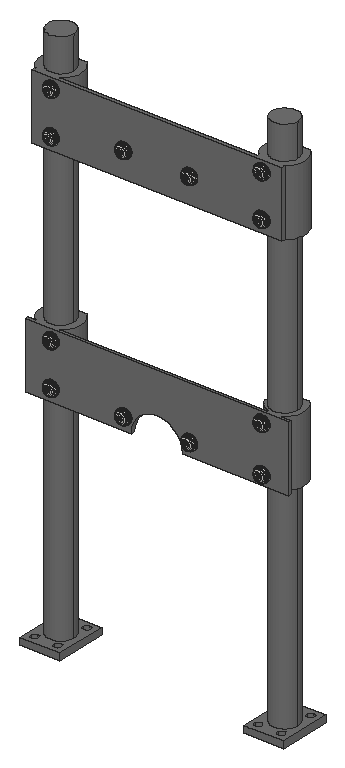
Revit family
Parameters (values of type "0635")
  Width = 17"  # constant formula
  Weight (lb) = 25.5
  Waste Connection = no
  Warranty = "1 year material and workmanship"  # constant formula
  Vent Connection = no
  URL = "http://www.jrsmith.com"
  Technical and Installation = "http://www.jrsmith.com/products/closet/techdata/td_index.htm"
  SmartBIM Object Version = 3  # constant formula
  SmartBIM Object Created By = "Reed Construction Data"  # constant formula
  Product URL = "http://www.jrsmith.com/products/closet/submittal/d0635.pdf"
  OmniClass Title = "Commercial Water Closets, Urinals, and Bidets"  # constant formula
  OmniClass Code = "22-22 42 13"  # constant formula
  Model = "0635"  # constant formula
  Material Finish = Duco Coated
  Material = Stainless Steel Polished Brushed
  Manufacturer = "Jay R. Smith Mfg. Co. "  # constant formula
  Maintenance = ""
  J = 2"
  HW Connection = no
  G = 1"
  F = 5"
  Lower Plate Height = 16 1/2"
  Description = "Urinal Supports for Off-The-Floor Urinals"  # constant formula
  D = 5"
  CW Connection = no
  Back Panel Visibility = no
  Upper Plate Height = 36 1/8"
  Default Elevation = 0"
  Assembly Code = "D2010210"
  95 CSI = ""
  04 CSI = ""
Reference planes (in)
  plane 1: z = 0
  plane 2 "Center (Left/Right)": x = -27.5
  plane 3 "Center (Front/Back)": y = 10.375
  plane 4: x = -19.5
  plane 5: x = -35.5
  plane 6: y = 8.875
  plane 7: y = 11.875
  plane 8: z = 0
  plane 9: z = 41.125
  plane 10: z = 16.5
  plane 11: z = 36.125
  plane 12: y = 9.125
  plane 13: x = -17.5
  plane 14: x = -37.5
  plane 15: y = 8.75
  plane 16: x = -27.5
  plane 17: x = -30
  plane 18: x = -25
  plane 19: x = -25
  plane 20: x = -30
  plane 21: z = 33.625
  plane 22: y = 11.625
  plane 23: z = 39.125
  plane 24: z = 21.5
  plane 25: x = -36
  plane 26: x = -19
Forms (in)
  Extrusion 1, solid, material "Duco Coated" <- "Material Finish"
    sketch origin (0, 0, 0.5) x (1, 0, 0) y (0, 1, 0)
      loop
        circle (-36, 10.375) r 1
      loop
        circle (-19, 10.375) r 1
    from -0.5 to 40.625
  Extrusion 2, solid, material "Duco Coated" <- "Material Finish"
    sketch origin (-0.22187, 9.125, 0) x (1, 0, 0) y (0, 0, 1)
      loop
        line (-37.27813, 16.5) -> (-29.21684, 16.5)
        arc (-29.21684, 16.5) -> (-27.27813, 18.4387) -> (-25.33943, 16.5) r 1.9387
        line (-25.33943, 16.5) -> (-17.27813, 16.5) -> (-17.27813, 21.5) -> (-37.27813, 21.5) -> (-37.27813, 16.5)
    from 0 to 0.25
  Revolve 3, solid, material "Stainless Steel Polished Brushed" <- "Material"
    sketch origin (-35.5, -3.62511, 0.9375) x (0, 1, 0) y (0, 0, 1)
      loop
        line (11.99434, 19.8125) -> (13.125, 19.8125) -> (13.125, 20.0625) -> (12.50011, 20.0625) -> (12.50011, 20.3738)
        arc (12.50011, 20.3738) -> (12.47907, 20.37335) -> (12.45807, 20.37202) r 0.49939
        arc (12.45807, 20.37202) -> (12.441, 20.37028) -> (12.424, 20.36796) r 0.49939
        arc (12.424, 20.36796) -> (12.4006, 20.36376) -> (12.37743, 20.35846) r 0.49938
        arc (12.37743, 20.35846) -> (12.3602, 20.35375) -> (12.34315, 20.34843) r 0.49937
        arc (12.34315, 20.34843) -> (12.32528, 20.34211) -> (12.30766, 20.33512) r 0.49936
        arc (12.30766, 20.33512) -> (12.27347, 20.31924) -> (12.24058, 20.30081) r 0.49932
        arc (12.24058, 20.30081) -> (12.21506, 20.28412) -> (12.19061, 20.26591) r 0.49928
        arc (12.19061, 20.26591) -> (12.16767, 20.24653) -> (12.14593, 20.22581) r 0.49923
        arc (12.14593, 20.22581) -> (12.1115, 20.18705) -> (12.08128, 20.14492) r 0.49914
        arc (12.08128, 20.14492) -> (12.05942, 20.10737) -> (12.04092, 20.06806) r 0.49907
        arc (12.04092, 20.06806) -> (12.0313, 20.0434) -> (12.023, 20.01827) r 0.49907
        arc (12.023, 20.01827) -> (12.01496, 19.98903) -> (12.00871, 19.95936) r 0.49932
        arc (12.00871, 19.95936) -> (12.00233, 19.92042) -> (11.99903, 19.8811) r 0.50033
        arc (11.99903, 19.8811) -> (11.99552, 19.84688) -> (11.99434, 19.8125) r 0.50389
      axis (13.125, 19.8125) -> (11.99434, 19.8125)
    angle from 0 to 360
  Revolve 4, solid, material "Stainless Steel Polished Brushed" <- "Material"
    sketch origin (-35.5, -3.87511, 0) x (0, 1, 0) y (0, 0, 1)
      loop
        arc (12.24434, 17.5) -> (12.24552, 17.46562) -> (12.24903, 17.4314) r 0.50389
        arc (12.24903, 17.4314) -> (12.25233, 17.39208) -> (12.25871, 17.35314) r 0.50033
        arc (12.25871, 17.35314) -> (12.26496, 17.32347) -> (12.273, 17.29423) r 0.49932
        arc (12.273, 17.29423) -> (12.2813, 17.2691) -> (12.29092, 17.24444) r 0.49907
        arc (12.29092, 17.24444) -> (12.30942, 17.20513) -> (12.33128, 17.16758) r 0.49907
        arc (12.33128, 17.16758) -> (12.3615, 17.12545) -> (12.39593, 17.08669) r 0.49914
        arc (12.39593, 17.08669) -> (12.41767, 17.06597) -> (12.44061, 17.04659) r 0.49923
        arc (12.44061, 17.04659) -> (12.46506, 17.02838) -> (12.49058, 17.01169) r 0.49928
        arc (12.49058, 17.01169) -> (12.52347, 16.99326) -> (12.55766, 16.97738) r 0.49932
        arc (12.55766, 16.97738) -> (12.57528, 16.97039) -> (12.59315, 16.96407) r 0.49936
        arc (12.59315, 16.96407) -> (12.6102, 16.95875) -> (12.62743, 16.95404) r 0.49937
        arc (12.62743, 16.95404) -> (12.6506, 16.94874) -> (12.674, 16.94454) r 0.49938
        arc (12.674, 16.94454) -> (12.691, 16.94222) -> (12.70807, 16.94048) r 0.49939
        arc (12.70807, 16.94048) -> (12.72907, 16.93915) -> (12.75011, 16.9387) r 0.49939
        line (12.75011, 16.9387) -> (12.75011, 17.25) -> (13.375, 17.25) -> (13.375, 17.5) -> (12.24434, 17.5)
      axis (13.375, 17.5) -> (12.24434, 17.5)
    angle from 0 to 360
  Revolve 5, solid, material "Stainless Steel Polished Brushed" <- "Material"
    sketch origin (-19.5, -3.87511, 0) x (0, 1, 0) y (0, 0, 1)
      loop
        line (12.24434, 20.75) -> (13.375, 20.75) -> (13.375, 21) -> (12.75011, 21) -> (12.75011, 21.3113)
        arc (12.75011, 21.3113) -> (12.72907, 21.31085) -> (12.70807, 21.30952) r 0.49939
        arc (12.70807, 21.30952) -> (12.691, 21.30778) -> (12.674, 21.30546) r 0.49939
        arc (12.674, 21.30546) -> (12.6506, 21.30126) -> (12.62743, 21.29596) r 0.49938
        arc (12.62743, 21.29596) -> (12.6102, 21.29125) -> (12.59315, 21.28593) r 0.49937
        arc (12.59315, 21.28593) -> (12.57528, 21.27961) -> (12.55766, 21.27262) r 0.49936
        arc (12.55766, 21.27262) -> (12.52347, 21.25674) -> (12.49058, 21.23831) r 0.49932
        arc (12.49058, 21.23831) -> (12.46506, 21.22162) -> (12.44061, 21.20341) r 0.49928
        arc (12.44061, 21.20341) -> (12.41767, 21.18403) -> (12.39593, 21.16331) r 0.49923
        arc (12.39593, 21.16331) -> (12.3615, 21.12455) -> (12.33128, 21.08242) r 0.49914
        arc (12.33128, 21.08242) -> (12.30942, 21.04487) -> (12.29092, 21.00556) r 0.49907
        arc (12.29092, 21.00556) -> (12.2813, 20.9809) -> (12.273, 20.95577) r 0.49907
        arc (12.273, 20.95577) -> (12.26496, 20.92653) -> (12.25871, 20.89686) r 0.49932
        arc (12.25871, 20.89686) -> (12.25233, 20.85792) -> (12.24903, 20.8186) r 0.50033
        arc (12.24903, 20.8186) -> (12.24552, 20.78438) -> (12.24434, 20.75) r 0.50389
      axis (13.375, 20.75) -> (12.24434, 20.75)
    angle from 0 to 360
  Revolve 6, solid, material "Stainless Steel Polished Brushed" <- "Material"
    sketch origin (-19.5, -3.87511, 0) x (0, 1, 0) y (0, 0, 1)
      loop
        arc (12.24434, 17.25) -> (12.24552, 17.21562) -> (12.24903, 17.1814) r 0.50389
        arc (12.24903, 17.1814) -> (12.25233, 17.14208) -> (12.25871, 17.10314) r 0.50033
        arc (12.25871, 17.10314) -> (12.26496, 17.07347) -> (12.273, 17.04423) r 0.49932
        arc (12.273, 17.04423) -> (12.2813, 17.0191) -> (12.29092, 16.99444) r 0.49907
        arc (12.29092, 16.99444) -> (12.30942, 16.95513) -> (12.33128, 16.91758) r 0.49907
        arc (12.33128, 16.91758) -> (12.3615, 16.87545) -> (12.39593, 16.83669) r 0.49914
        arc (12.39593, 16.83669) -> (12.41767, 16.81597) -> (12.44061, 16.79659) r 0.49923
        arc (12.44061, 16.79659) -> (12.46506, 16.77838) -> (12.49058, 16.76169) r 0.49928
        arc (12.49058, 16.76169) -> (12.52347, 16.74326) -> (12.55766, 16.72738) r 0.49932
        arc (12.55766, 16.72738) -> (12.57528, 16.72039) -> (12.59315, 16.71407) r 0.49936
        arc (12.59315, 16.71407) -> (12.6102, 16.70875) -> (12.62743, 16.70404) r 0.49937
        arc (12.62743, 16.70404) -> (12.6506, 16.69874) -> (12.674, 16.69454) r 0.49938
        arc (12.674, 16.69454) -> (12.691, 16.69222) -> (12.70807, 16.69048) r 0.49939
        arc (12.70807, 16.69048) -> (12.72907, 16.68915) -> (12.75011, 16.6887) r 0.49939
        line (12.75011, 16.6887) -> (12.75011, 17) -> (13.375, 17) -> (13.375, 17.25) -> (12.24434, 17.25)
      axis (13.375, 17.25) -> (12.24434, 17.25)
    angle from 0 to 360
  Revolve 7, solid, material "Stainless Steel Polished Brushed" <- "Material"
    sketch origin (-30, -179.62511, 75.40244) x (0, 0, 1) y (0, -1, 0)
      loop
        arc (-57.90244, -187.99434) -> (-57.93682, -187.99552) -> (-57.97104, -187.99903) r 0.50389
        arc (-57.97104, -187.99903) -> (-58.01036, -188.00233) -> (-58.0493, -188.00871) r 0.50033
        arc (-58.0493, -188.00871) -> (-58.07897, -188.01496) -> (-58.10821, -188.023) r 0.49932
        arc (-58.10821, -188.023) -> (-58.13334, -188.0313) -> (-58.158, -188.04092) r 0.49907
        arc (-58.158, -188.04092) -> (-58.19731, -188.05942) -> (-58.23486, -188.08128) r 0.49907
        arc (-58.23486, -188.08128) -> (-58.27699, -188.1115) -> (-58.31575, -188.14593) r 0.49914
        arc (-58.31575, -188.14593) -> (-58.33647, -188.16767) -> (-58.35584, -188.19061) r 0.49923
        arc (-58.35584, -188.19061) -> (-58.37406, -188.21506) -> (-58.39075, -188.24058) r 0.49928
        arc (-58.39075, -188.24058) -> (-58.40917, -188.27347) -> (-58.42506, -188.30766) r 0.49932
        arc (-58.42506, -188.30766) -> (-58.43205, -188.32528) -> (-58.43837, -188.34315) r 0.49936
        arc (-58.43837, -188.34315) -> (-58.44369, -188.3602) -> (-58.4484, -188.37743) r 0.49937
        arc (-58.4484, -188.37743) -> (-58.4537, -188.4006) -> (-58.45789, -188.424) r 0.49938
        arc (-58.45789, -188.424) -> (-58.46022, -188.441) -> (-58.46196, -188.45807) r 0.49939
        arc (-58.46196, -188.45807) -> (-58.46329, -188.47907) -> (-58.46374, -188.50011) r 0.49939
        line (-58.46374, -188.50011) -> (-58.15244, -188.50011) -> (-58.15244, -188.75011) -> (-57.90244, -188.75011) -> (-57.90244, -187.99434)
      axis (-57.90244, -188.75011) -> (-57.90244, -187.99434)
    angle from 0 to 360
  Revolve 8, solid, material "Stainless Steel Polished Brushed" <- "Material"
    sketch origin (-25, -179.62511, 75.40244) x (0, 0, 1) y (0, -1, 0)
      loop
        arc (-57.90244, -187.99434) -> (-57.93682, -187.99552) -> (-57.97104, -187.99903) r 0.50389
        arc (-57.97104, -187.99903) -> (-58.01036, -188.00233) -> (-58.0493, -188.00871) r 0.50033
        arc (-58.0493, -188.00871) -> (-58.07897, -188.01496) -> (-58.10821, -188.023) r 0.49932
        arc (-58.10821, -188.023) -> (-58.13334, -188.0313) -> (-58.158, -188.04092) r 0.49907
        arc (-58.158, -188.04092) -> (-58.19731, -188.05942) -> (-58.23486, -188.08128) r 0.49907
        arc (-58.23486, -188.08128) -> (-58.27699, -188.1115) -> (-58.31575, -188.14593) r 0.49914
        arc (-58.31575, -188.14593) -> (-58.33647, -188.16767) -> (-58.35584, -188.19061) r 0.49923
        arc (-58.35584, -188.19061) -> (-58.37406, -188.21506) -> (-58.39075, -188.24058) r 0.49928
        arc (-58.39075, -188.24058) -> (-58.40917, -188.27347) -> (-58.42506, -188.30766) r 0.49932
        arc (-58.42506, -188.30766) -> (-58.43205, -188.32528) -> (-58.43837, -188.34315) r 0.49936
        arc (-58.43837, -188.34315) -> (-58.44369, -188.3602) -> (-58.4484, -188.37743) r 0.49937
        arc (-58.4484, -188.37743) -> (-58.4537, -188.4006) -> (-58.45789, -188.424) r 0.49938
        arc (-58.45789, -188.424) -> (-58.46022, -188.441) -> (-58.46196, -188.45807) r 0.49939
        arc (-58.46196, -188.45807) -> (-58.46329, -188.47907) -> (-58.46374, -188.50011) r 0.49939
        line (-58.46374, -188.50011) -> (-58.15244, -188.50011) -> (-58.15244, -188.75011) -> (-57.90244, -188.75011) -> (-57.90244, -187.99434)
      axis (-57.90244, -188.75011) -> (-57.90244, -187.99434)
    angle from 0 to 360
  Extrusion 9, solid, material "Duco Coated" <- "Material Finish"
    sketch origin (-0.22187, 9.125, 17.125) x (1, 0, 0) y (0, 0, 1)
      loop
        line (-36.77813, 16.5) -> (-17.77813, 16.5) -> (-17.77813, 21.5) -> (-36.77813, 21.5) -> (-36.77813, 16.5)
    from 0 to 0.25
  Revolve 10, solid, material "Stainless Steel Polished Brushed" <- "Material"
    sketch origin (-35.5, -4, 18.0625) x (0, 1, 0) y (0, 0, 1)
      loop
        line (12.36934, 19.8125) -> (13.375, 19.8125) -> (13.375, 20.0625) -> (12.87511, 20.0625) -> (12.87511, 20.3738)
        arc (12.87511, 20.3738) -> (12.85407, 20.37335) -> (12.83307, 20.37202) r 0.49939
        arc (12.83307, 20.37202) -> (12.816, 20.37028) -> (12.799, 20.36796) r 0.49939
        arc (12.799, 20.36796) -> (12.7756, 20.36376) -> (12.75243, 20.35846) r 0.49938
        arc (12.75243, 20.35846) -> (12.7352, 20.35375) -> (12.71815, 20.34843) r 0.49937
        arc (12.71815, 20.34843) -> (12.70028, 20.34211) -> (12.68266, 20.33512) r 0.49936
        arc (12.68266, 20.33512) -> (12.64847, 20.31924) -> (12.61558, 20.30081) r 0.49932
        arc (12.61558, 20.30081) -> (12.59006, 20.28412) -> (12.56561, 20.26591) r 0.49928
        arc (12.56561, 20.26591) -> (12.54267, 20.24653) -> (12.52093, 20.22581) r 0.49923
        arc (12.52093, 20.22581) -> (12.4865, 20.18705) -> (12.45628, 20.14492) r 0.49914
        arc (12.45628, 20.14492) -> (12.43442, 20.10737) -> (12.41592, 20.06806) r 0.49907
        arc (12.41592, 20.06806) -> (12.4063, 20.0434) -> (12.398, 20.01827) r 0.49907
        arc (12.398, 20.01827) -> (12.38996, 19.98903) -> (12.38371, 19.95936) r 0.49932
        arc (12.38371, 19.95936) -> (12.37733, 19.92042) -> (12.37403, 19.8811) r 0.50033
        arc (12.37403, 19.8811) -> (12.37052, 19.84688) -> (12.36934, 19.8125) r 0.50389
      axis (13.375, 19.8125) -> (12.36934, 19.8125)
    angle from 0 to 360
  Revolve 11, solid, material "Stainless Steel Polished Brushed" <- "Material"
    sketch origin (-35.5, -4, 17.125) x (0, 1, 0) y (0, 0, 1)
      loop
        arc (12.36934, 17.5) -> (12.37052, 17.46562) -> (12.37403, 17.4314) r 0.50389
        arc (12.37403, 17.4314) -> (12.37733, 17.39208) -> (12.38371, 17.35314) r 0.50033
        arc (12.38371, 17.35314) -> (12.38996, 17.32347) -> (12.398, 17.29423) r 0.49932
        arc (12.398, 17.29423) -> (12.4063, 17.2691) -> (12.41592, 17.24444) r 0.49907
        arc (12.41592, 17.24444) -> (12.43442, 17.20513) -> (12.45628, 17.16758) r 0.49907
        arc (12.45628, 17.16758) -> (12.4865, 17.12545) -> (12.52093, 17.08669) r 0.49914
        arc (12.52093, 17.08669) -> (12.54267, 17.06597) -> (12.56561, 17.04659) r 0.49923
        arc (12.56561, 17.04659) -> (12.59006, 17.02838) -> (12.61558, 17.01169) r 0.49928
        arc (12.61558, 17.01169) -> (12.64847, 16.99326) -> (12.68266, 16.97738) r 0.49932
        arc (12.68266, 16.97738) -> (12.70028, 16.97039) -> (12.71815, 16.96407) r 0.49936
        arc (12.71815, 16.96407) -> (12.7352, 16.95875) -> (12.75243, 16.95404) r 0.49937
        arc (12.75243, 16.95404) -> (12.7756, 16.94874) -> (12.799, 16.94454) r 0.49938
        arc (12.799, 16.94454) -> (12.816, 16.94222) -> (12.83307, 16.94048) r 0.49939
        arc (12.83307, 16.94048) -> (12.85407, 16.93915) -> (12.87511, 16.9387) r 0.49939
        line (12.87511, 16.9387) -> (12.87511, 17.25) -> (13.375, 17.25) -> (13.375, 17.5) -> (12.36934, 17.5)
      axis (13.375, 17.5) -> (12.36934, 17.5)
    angle from 0 to 360
  Revolve 12, solid, material "Stainless Steel Polished Brushed" <- "Material"
    sketch origin (-19.5, -4, 17.0625) x (0, 1, 0) y (0, 0, 1)
      loop
        line (12.36934, 20.81029) -> (13.375, 20.81029) -> (13.375, 21.06029) -> (12.87511, 21.06029) -> (12.87511, 21.37159)
        arc (12.87511, 21.37159) -> (12.85407, 21.37115) -> (12.83307, 21.36982) r 0.49939
        arc (12.83307, 21.36982) -> (12.816, 21.36808) -> (12.799, 21.36575) r 0.49939
        arc (12.799, 21.36575) -> (12.7756, 21.36156) -> (12.75243, 21.35626) r 0.49938
        arc (12.75243, 21.35626) -> (12.7352, 21.35155) -> (12.71815, 21.34623) r 0.49937
        arc (12.71815, 21.34623) -> (12.70028, 21.33991) -> (12.68266, 21.33292) r 0.49936
        arc (12.68266, 21.33292) -> (12.64847, 21.31703) -> (12.61558, 21.29861) r 0.49932
        arc (12.61558, 21.29861) -> (12.59006, 21.28192) -> (12.56561, 21.2637) r 0.49928
        arc (12.56561, 21.2637) -> (12.54267, 21.24432) -> (12.52093, 21.2236) r 0.49923
        arc (12.52093, 21.2236) -> (12.4865, 21.18484) -> (12.45628, 21.14272) r 0.49914
        arc (12.45628, 21.14272) -> (12.43442, 21.10517) -> (12.41592, 21.06586) r 0.49907
        arc (12.41592, 21.06586) -> (12.4063, 21.0412) -> (12.398, 21.01606) r 0.49907
        arc (12.398, 21.01606) -> (12.38996, 20.98682) -> (12.38371, 20.95715) r 0.49932
        arc (12.38371, 20.95715) -> (12.37733, 20.91822) -> (12.37403, 20.8789) r 0.50033
        arc (12.37403, 20.8789) -> (12.37052, 20.84468) -> (12.36934, 20.81029) r 0.50389
      axis (13.375, 20.81029) -> (12.36934, 20.81029)
    angle from 0 to 360
  Revolve 13, solid, material "Stainless Steel Polished Brushed" <- "Material"
    sketch origin (-19.5, -4, 17.375) x (0, 1, 0) y (0, 0, 1)
      loop
        arc (12.36934, 17.25) -> (12.37052, 17.21562) -> (12.37403, 17.1814) r 0.50389
        arc (12.37403, 17.1814) -> (12.37733, 17.14208) -> (12.38371, 17.10314) r 0.50033
        arc (12.38371, 17.10314) -> (12.38996, 17.07347) -> (12.398, 17.04423) r 0.49932
        arc (12.398, 17.04423) -> (12.4063, 17.0191) -> (12.41592, 16.99444) r 0.49907
        arc (12.41592, 16.99444) -> (12.43442, 16.95513) -> (12.45628, 16.91758) r 0.49907
        arc (12.45628, 16.91758) -> (12.4865, 16.87545) -> (12.52093, 16.83669) r 0.49914
        arc (12.52093, 16.83669) -> (12.54267, 16.81597) -> (12.56561, 16.79659) r 0.49923
        arc (12.56561, 16.79659) -> (12.59006, 16.77838) -> (12.61558, 16.76169) r 0.49928
        arc (12.61558, 16.76169) -> (12.64847, 16.74326) -> (12.68266, 16.72738) r 0.49932
        arc (12.68266, 16.72738) -> (12.70028, 16.72039) -> (12.71815, 16.71407) r 0.49936
        arc (12.71815, 16.71407) -> (12.7352, 16.70875) -> (12.75243, 16.70404) r 0.49937
        arc (12.75243, 16.70404) -> (12.7756, 16.69874) -> (12.799, 16.69454) r 0.49938
        arc (12.799, 16.69454) -> (12.816, 16.69222) -> (12.83307, 16.69048) r 0.49939
        arc (12.83307, 16.69048) -> (12.85407, 16.68915) -> (12.87511, 16.6887) r 0.49939
        line (12.87511, 16.6887) -> (12.87511, 17) -> (13.375, 17) -> (13.375, 17.25) -> (12.36934, 17.25)
      axis (13.375, 17.25) -> (12.36934, 17.25)
    angle from 0 to 360
  Revolve 14, solid, material "Stainless Steel Polished Brushed" <- "Material"
    sketch origin (-30, -180, 75.40244) x (0, 0, 1) y (0, -1, 0)
      loop
        arc (-39.77744, -188.36934) -> (-39.81182, -188.37052) -> (-39.84604, -188.37403) r 0.50389
        arc (-39.84604, -188.37403) -> (-39.88536, -188.37733) -> (-39.9243, -188.38371) r 0.50033
        arc (-39.9243, -188.38371) -> (-39.95397, -188.38996) -> (-39.98321, -188.398) r 0.49932
        arc (-39.98321, -188.398) -> (-40.00834, -188.4063) -> (-40.033, -188.41592) r 0.49907
        arc (-40.033, -188.41592) -> (-40.07231, -188.43442) -> (-40.10986, -188.45628) r 0.49907
        arc (-40.10986, -188.45628) -> (-40.15199, -188.4865) -> (-40.19075, -188.52093) r 0.49914
        arc (-40.19075, -188.52093) -> (-40.21147, -188.54267) -> (-40.23084, -188.56561) r 0.49923
        arc (-40.23084, -188.56561) -> (-40.24906, -188.59006) -> (-40.26575, -188.61558) r 0.49928
        arc (-40.26575, -188.61558) -> (-40.28417, -188.64847) -> (-40.30006, -188.68266) r 0.49932
        arc (-40.30006, -188.68266) -> (-40.30705, -188.70028) -> (-40.31337, -188.71815) r 0.49936
        arc (-40.31337, -188.71815) -> (-40.31869, -188.7352) -> (-40.3234, -188.75243) r 0.49937
        arc (-40.3234, -188.75243) -> (-40.3287, -188.7756) -> (-40.33289, -188.799) r 0.49938
        arc (-40.33289, -188.799) -> (-40.33522, -188.816) -> (-40.33696, -188.83307) r 0.49939
        arc (-40.33696, -188.83307) -> (-40.33829, -188.85407) -> (-40.33874, -188.87511) r 0.49939
        line (-40.33874, -188.87511) -> (-40.02744, -188.87511) -> (-40.02744, -189.125) -> (-39.77744, -189.125) -> (-39.77744, -188.36934)
      axis (-39.77744, -189.125) -> (-39.77744, -188.36934)
    angle from 0 to 360
  Revolve 15, solid, material "Stainless Steel Polished Brushed" <- "Material"
    sketch origin (-25, -180, 75.40244) x (0, 0, 1) y (0, -1, 0)
      loop
        arc (-39.77744, -188.36934) -> (-39.81182, -188.37052) -> (-39.84604, -188.37403) r 0.50389
        arc (-39.84604, -188.37403) -> (-39.88536, -188.37733) -> (-39.9243, -188.38371) r 0.50033
        arc (-39.9243, -188.38371) -> (-39.95397, -188.38996) -> (-39.98321, -188.398) r 0.49932
        arc (-39.98321, -188.398) -> (-40.00834, -188.4063) -> (-40.033, -188.41592) r 0.49907
        arc (-40.033, -188.41592) -> (-40.07231, -188.43442) -> (-40.10986, -188.45628) r 0.49907
        arc (-40.10986, -188.45628) -> (-40.15199, -188.4865) -> (-40.19075, -188.52093) r 0.49914
        arc (-40.19075, -188.52093) -> (-40.21147, -188.54267) -> (-40.23084, -188.56561) r 0.49923
        arc (-40.23084, -188.56561) -> (-40.24906, -188.59006) -> (-40.26575, -188.61558) r 0.49928
        arc (-40.26575, -188.61558) -> (-40.28417, -188.64847) -> (-40.30006, -188.68266) r 0.49932
        arc (-40.30006, -188.68266) -> (-40.30705, -188.70028) -> (-40.31337, -188.71815) r 0.49936
        arc (-40.31337, -188.71815) -> (-40.31869, -188.7352) -> (-40.3234, -188.75243) r 0.49937
        arc (-40.3234, -188.75243) -> (-40.3287, -188.7756) -> (-40.33289, -188.799) r 0.49938
        arc (-40.33289, -188.799) -> (-40.33522, -188.816) -> (-40.33696, -188.83307) r 0.49939
        arc (-40.33696, -188.83307) -> (-40.33829, -188.85407) -> (-40.33874, -188.87511) r 0.49939
        line (-40.33874, -188.87511) -> (-40.02744, -188.87511) -> (-40.02744, -189.125) -> (-39.77744, -189.125) -> (-39.77744, -188.36934)
      axis (-39.77744, -189.125) -> (-39.77744, -188.36934)
    angle from 0 to 360
  Extrusion 16, solid, material "Duco Coated" <- "Material Finish"
    sketch origin (0, 0, 0.5) x (1, 0, 0) y (0, 1, 0)
      loop
        line (-36.9375, 9.125) -> (-35.0625, 9.125)
        arc (-35.0625, 9.125) -> (-34.4375, 10.375) -> (-35.0625, 11.625) r 1.5625
        line (-35.0625, 11.625) -> (-36.9375, 11.625)
        arc (-36.9375, 11.625) -> (-37.5625, 10.375) -> (-36.9375, 9.125) r 1.5625
      loop
        circle (-36, 10.375) r 1
    from 16 to 21
  Extrusion 17, solid, material "Duco Coated" <- "Material Finish"
    sketch origin (0, 0, 67.75) x (0, -1, 0) y (-1, 0, 0)
      loop
        line (-9.125, 35.0625) -> (-9.125, 36.9375)
        arc (-9.125, 36.9375) -> (-10.375, 37.5625) -> (-11.625, 36.9375) r 1.5625
        line (-11.625, 36.9375) -> (-11.625, 35.0625)
        arc (-11.625, 35.0625) -> (-10.375, 34.4375) -> (-9.125, 35.0625) r 1.5625
      loop
        circle (-10.375, 36) r 1
      loop
        arc (-9.125, 19.9375) -> (-10.375, 20.5625) -> (-11.625, 19.9375) r 1.5625
        line (-11.625, 19.9375) -> (-11.625, 18.0625)
        arc (-11.625, 18.0625) -> (-10.375, 17.4375) -> (-9.125, 18.0625) r 1.5625
        line (-9.125, 18.0625) -> (-9.125, 19.9375)
      loop
        circle (-10.375, 19) r 1
    from 29.125 to 34.125
  Extrusion 18, solid, material "Duco Coated" <- "Material Finish"
    sketch origin (-55, 0, 72.5) x (0, 1, 0) y (1, 0, 0)
      loop
        arc (9.125, 36.1875) -> (10.375, 34.73602) -> (11.625, 36.1875) r 1.26398
        line (11.625, 36.1875) -> (11.625, 36.8125)
        arc (11.625, 36.8125) -> (10.375, 37.49086) -> (9.125, 36.8125) r 1.49086
        line (9.125, 36.8125) -> (9.125, 36.1875)
      loop
        circle (10.375, 36) r 1
    from 51 to 56
  Extrusion 19, solid, material "Duco Coated" <- "Material Finish", visible <- "Back Panel Visibility"
    sketch origin (-0.22187, 11.375, 17.125) x (1, 0, 0) y (0, 0, -1)
      loop
        line (-37.27813, -16.5) -> (-37.27813, -21.5) -> (-17.27813, -21.5) -> (-17.27813, -16.5) -> (-37.27813, -16.5)
    from 0.25 to 0.5
  Extrusion 20, solid, material "Duco Coated" <- "Material Finish", visible <- "Back Panel Visibility"
    sketch origin (-0.22187, 11.375, 1.375) x (1, 0, 0) y (0, 0, -1)
      loop
        line (-37.27813, -15.125) -> (-37.27813, -20.125) -> (-17.27813, -20.125) -> (-17.27813, -15.125) -> (-25.33943, -15.125)
        arc (-25.33943, -15.125) -> (-27.27813, -17.0637) -> (-29.21684, -15.125) r 1.9387
        line (-29.21684, -15.125) -> (-37.27813, -15.125)
    from 0.25 to 0.5
  Revolve 21, solid, material "Stainless Steel Polished Brushed" <- "Material", visible <- "Back Panel Visibility"
    sketch origin (-19.5, 24.625, 0) x (0, -1, 0) y (0, 0, -1)
      loop
        arc (12.24434, -20.75) -> (12.24552, -20.78438) -> (12.24903, -20.8186) r 0.50389
        arc (12.24903, -20.8186) -> (12.25233, -20.85792) -> (12.25871, -20.89686) r 0.50033
        arc (12.25871, -20.89686) -> (12.26496, -20.92653) -> (12.273, -20.95577) r 0.49932
        arc (12.273, -20.95577) -> (12.2813, -20.9809) -> (12.29092, -21.00556) r 0.49907
        arc (12.29092, -21.00556) -> (12.30942, -21.04487) -> (12.33128, -21.08242) r 0.49907
        arc (12.33128, -21.08242) -> (12.3615, -21.12455) -> (12.39593, -21.16331) r 0.49914
        arc (12.39593, -21.16331) -> (12.41767, -21.18403) -> (12.44061, -21.20341) r 0.49923
        arc (12.44061, -21.20341) -> (12.46506, -21.22162) -> (12.49058, -21.23831) r 0.49928
        arc (12.49058, -21.23831) -> (12.52347, -21.25674) -> (12.55766, -21.27262) r 0.49932
        arc (12.55766, -21.27262) -> (12.57528, -21.27961) -> (12.59315, -21.28593) r 0.49936
        arc (12.59315, -21.28593) -> (12.6102, -21.29125) -> (12.62743, -21.29596) r 0.49937
        arc (12.62743, -21.29596) -> (12.6506, -21.30126) -> (12.674, -21.30546) r 0.49938
        arc (12.674, -21.30546) -> (12.691, -21.30778) -> (12.70807, -21.30952) r 0.49939
        arc (12.70807, -21.30952) -> (12.72907, -21.31085) -> (12.75011, -21.3113) r 0.49939
        line (12.75011, -21.3113) -> (12.75011, -21) -> (13, -21) -> (13, -20.75) -> (12.24434, -20.75)
      axis (13, -20.75) -> (12.24434, -20.75)
    angle from 0 to 360
  Revolve 22, solid, material "Stainless Steel Polished Brushed" <- "Material", visible <- "Back Panel Visibility"
    sketch origin (-19.5, 24.625, 0) x (0, -1, 0) y (0, 0, -1)
      loop
        line (12.24434, -17.25) -> (13, -17.25) -> (13, -17) -> (12.75011, -17) -> (12.75011, -16.6887)
        arc (12.75011, -16.6887) -> (12.72907, -16.68915) -> (12.70807, -16.69048) r 0.49939
        arc (12.70807, -16.69048) -> (12.691, -16.69222) -> (12.674, -16.69454) r 0.49939
        arc (12.674, -16.69454) -> (12.6506, -16.69874) -> (12.62743, -16.70404) r 0.49938
        arc (12.62743, -16.70404) -> (12.6102, -16.70875) -> (12.59315, -16.71407) r 0.49937
        arc (12.59315, -16.71407) -> (12.57528, -16.72039) -> (12.55766, -16.72738) r 0.49936
        arc (12.55766, -16.72738) -> (12.52347, -16.74326) -> (12.49058, -16.76169) r 0.49932
        arc (12.49058, -16.76169) -> (12.46506, -16.77838) -> (12.44061, -16.79659) r 0.49928
        arc (12.44061, -16.79659) -> (12.41767, -16.81597) -> (12.39593, -16.83669) r 0.49923
        arc (12.39593, -16.83669) -> (12.3615, -16.87545) -> (12.33128, -16.91758) r 0.49914
        arc (12.33128, -16.91758) -> (12.30942, -16.95513) -> (12.29092, -16.99444) r 0.49907
        arc (12.29092, -16.99444) -> (12.2813, -17.0191) -> (12.273, -17.04423) r 0.49907
        arc (12.273, -17.04423) -> (12.26496, -17.07347) -> (12.25871, -17.10314) r 0.49932
        arc (12.25871, -17.10314) -> (12.25233, -17.14208) -> (12.24903, -17.1814) r 0.50033
        arc (12.24903, -17.1814) -> (12.24552, -17.21562) -> (12.24434, -17.25) r 0.50389
      axis (13, -17.25) -> (12.24434, -17.25)
    angle from 0 to 360
  Revolve 23, solid, material "Stainless Steel Polished Brushed" <- "Material", visible <- "Back Panel Visibility"
    sketch origin (-19.5, 24.62511, -1.62721) x (0, -1, 0) y (0, 0, -1)
      loop
        arc (12.24434, -39.5) -> (12.24552, -39.53438) -> (12.24903, -39.5686) r 0.50389
        arc (12.24903, -39.5686) -> (12.25233, -39.60792) -> (12.25871, -39.64686) r 0.50033
        arc (12.25871, -39.64686) -> (12.26496, -39.67653) -> (12.273, -39.70577) r 0.49932
        arc (12.273, -39.70577) -> (12.2813, -39.7309) -> (12.29092, -39.75556) r 0.49907
        arc (12.29092, -39.75556) -> (12.30942, -39.79487) -> (12.33128, -39.83242) r 0.49907
        arc (12.33128, -39.83242) -> (12.3615, -39.87455) -> (12.39593, -39.91331) r 0.49914
        arc (12.39593, -39.91331) -> (12.41767, -39.93403) -> (12.44061, -39.95341) r 0.49923
        arc (12.44061, -39.95341) -> (12.46506, -39.97162) -> (12.49058, -39.98831) r 0.49928
        arc (12.49058, -39.98831) -> (12.52347, -40.00674) -> (12.55766, -40.02262) r 0.49932
        arc (12.55766, -40.02262) -> (12.57528, -40.02961) -> (12.59315, -40.03593) r 0.49936
        arc (12.59315, -40.03593) -> (12.6102, -40.04125) -> (12.62743, -40.04596) r 0.49937
        arc (12.62743, -40.04596) -> (12.6506, -40.05126) -> (12.674, -40.05546) r 0.49938
        arc (12.674, -40.05546) -> (12.691, -40.05778) -> (12.70807, -40.05952) r 0.49939
        arc (12.70807, -40.05952) -> (12.72907, -40.06085) -> (12.75011, -40.0613) r 0.49939
        line (12.75011, -40.0613) -> (12.75011, -39.75) -> (13.00011, -39.75) -> (13.00011, -39.5) -> (12.24434, -39.5)
      axis (13.00011, -39.5) -> (12.24434, -39.5)
    angle from 0 to 360
  Revolve 24, solid, material "Stainless Steel Polished Brushed" <- "Material", visible <- "Back Panel Visibility"
    sketch origin (-19.5, 24.625, 0) x (0, -1, 0) y (0, 0, -1)
      loop
        line (12.24434, -34.625) -> (13, -34.625) -> (13, -34.375) -> (12.75011, -34.375) -> (12.75011, -34.0637)
        arc (12.75011, -34.0637) -> (12.72907, -34.06415) -> (12.70807, -34.06548) r 0.49939
        arc (12.70807, -34.06548) -> (12.691, -34.06722) -> (12.674, -34.06954) r 0.49939
        arc (12.674, -34.06954) -> (12.6506, -34.07374) -> (12.62743, -34.07904) r 0.49938
        arc (12.62743, -34.07904) -> (12.6102, -34.08375) -> (12.59315, -34.08907) r 0.49937
        arc (12.59315, -34.08907) -> (12.57528, -34.09539) -> (12.55766, -34.10238) r 0.49936
        arc (12.55766, -34.10238) -> (12.52347, -34.11826) -> (12.49058, -34.13669) r 0.49932
        arc (12.49058, -34.13669) -> (12.46506, -34.15338) -> (12.44061, -34.17159) r 0.49928
        arc (12.44061, -34.17159) -> (12.41767, -34.19097) -> (12.39593, -34.21169) r 0.49923
        arc (12.39593, -34.21169) -> (12.3615, -34.25045) -> (12.33128, -34.29258) r 0.49914
        arc (12.33128, -34.29258) -> (12.30942, -34.33013) -> (12.29092, -34.36944) r 0.49907
        arc (12.29092, -34.36944) -> (12.2813, -34.3941) -> (12.273, -34.41923) r 0.49907
        arc (12.273, -34.41923) -> (12.26496, -34.44847) -> (12.25871, -34.47814) r 0.49932
        arc (12.25871, -34.47814) -> (12.25233, -34.51708) -> (12.24903, -34.5564) r 0.50033
        arc (12.24903, -34.5564) -> (12.24552, -34.59062) -> (12.24434, -34.625) r 0.50389
      axis (13, -34.625) -> (12.24434, -34.625)
    angle from 0 to 360
  Revolve 25, solid, material "Stainless Steel Polished Brushed" <- "Material", visible <- "Back Panel Visibility"
    sketch origin (-25, 200.625, 75.40244) x (0, 0, 1) y (0, -1, 0)
      loop
        line (-57.90244, 188.24434) -> (-57.90244, 189) -> (-58.15244, 189) -> (-58.15244, 188.75011) -> (-58.46374, 188.75011)
        arc (-58.46374, 188.75011) -> (-58.46329, 188.72907) -> (-58.46196, 188.70807) r 0.49939
        arc (-58.46196, 188.70807) -> (-58.46022, 188.691) -> (-58.45789, 188.674) r 0.49939
        arc (-58.45789, 188.674) -> (-58.4537, 188.6506) -> (-58.4484, 188.62743) r 0.49938
        arc (-58.4484, 188.62743) -> (-58.44369, 188.6102) -> (-58.43837, 188.59315) r 0.49937
        arc (-58.43837, 188.59315) -> (-58.43205, 188.57528) -> (-58.42506, 188.55766) r 0.49936
        arc (-58.42506, 188.55766) -> (-58.40917, 188.52347) -> (-58.39075, 188.49058) r 0.49932
        arc (-58.39075, 188.49058) -> (-58.37406, 188.46506) -> (-58.35584, 188.44061) r 0.49928
        arc (-58.35584, 188.44061) -> (-58.33647, 188.41767) -> (-58.31575, 188.39593) r 0.49923
        arc (-58.31575, 188.39593) -> (-58.27699, 188.3615) -> (-58.23486, 188.33128) r 0.49914
        arc (-58.23486, 188.33128) -> (-58.19731, 188.30942) -> (-58.158, 188.29092) r 0.49907
        arc (-58.158, 188.29092) -> (-58.13334, 188.2813) -> (-58.10821, 188.273) r 0.49907
        arc (-58.10821, 188.273) -> (-58.07897, 188.26496) -> (-58.0493, 188.25871) r 0.49932
        arc (-58.0493, 188.25871) -> (-58.01036, 188.25233) -> (-57.97104, 188.24903) r 0.50033
        arc (-57.97104, 188.24903) -> (-57.93682, 188.24552) -> (-57.90244, 188.24434) r 0.50389
      axis (-57.90244, 189) -> (-57.90244, 188.24434)
    angle from 0 to 360
  Revolve 26, solid, material "Stainless Steel Polished Brushed" <- "Material", visible <- "Back Panel Visibility"
    sketch origin (-25, 200.625, 75.40244) x (0, 0, 1) y (0, -1, 0)
      loop
        line (-39.77744, 188.24434) -> (-39.77744, 189) -> (-40.02744, 189) -> (-40.02744, 188.75011) -> (-40.33874, 188.75011)
        arc (-40.33874, 188.75011) -> (-40.33829, 188.72907) -> (-40.33696, 188.70807) r 0.49939
        arc (-40.33696, 188.70807) -> (-40.33522, 188.691) -> (-40.33289, 188.674) r 0.49939
        arc (-40.33289, 188.674) -> (-40.3287, 188.6506) -> (-40.3234, 188.62743) r 0.49938
        arc (-40.3234, 188.62743) -> (-40.31869, 188.6102) -> (-40.31337, 188.59315) r 0.49937
        arc (-40.31337, 188.59315) -> (-40.30705, 188.57528) -> (-40.30006, 188.55766) r 0.49936
        arc (-40.30006, 188.55766) -> (-40.28417, 188.52347) -> (-40.26575, 188.49058) r 0.49932
        arc (-40.26575, 188.49058) -> (-40.24906, 188.46506) -> (-40.23084, 188.44061) r 0.49928
        arc (-40.23084, 188.44061) -> (-40.21147, 188.41767) -> (-40.19075, 188.39593) r 0.49923
        arc (-40.19075, 188.39593) -> (-40.15199, 188.3615) -> (-40.10986, 188.33128) r 0.49914
        arc (-40.10986, 188.33128) -> (-40.07231, 188.30942) -> (-40.033, 188.29092) r 0.49907
        arc (-40.033, 188.29092) -> (-40.00834, 188.2813) -> (-39.98321, 188.273) r 0.49907
        arc (-39.98321, 188.273) -> (-39.95397, 188.26496) -> (-39.9243, 188.25871) r 0.49932
        arc (-39.9243, 188.25871) -> (-39.88536, 188.25233) -> (-39.84604, 188.24903) r 0.50033
        arc (-39.84604, 188.24903) -> (-39.81182, 188.24552) -> (-39.77744, 188.24434) r 0.50389
      axis (-39.77744, 189) -> (-39.77744, 188.24434)
    angle from 0 to 360
  Revolve 27, solid, material "Stainless Steel Polished Brushed" <- "Material", visible <- "Back Panel Visibility"
    sketch origin (-30, 200.625, 75.40244) x (0, 0, 1) y (0, -1, 0)
      loop
        line (-57.90244, 188.24434) -> (-57.90244, 189) -> (-58.15244, 189) -> (-58.15244, 188.75011) -> (-58.46374, 188.75011)
        arc (-58.46374, 188.75011) -> (-58.46329, 188.72907) -> (-58.46196, 188.70807) r 0.49939
        arc (-58.46196, 188.70807) -> (-58.46022, 188.691) -> (-58.45789, 188.674) r 0.49939
        arc (-58.45789, 188.674) -> (-58.4537, 188.6506) -> (-58.4484, 188.62743) r 0.49938
        arc (-58.4484, 188.62743) -> (-58.44369, 188.6102) -> (-58.43837, 188.59315) r 0.49937
        arc (-58.43837, 188.59315) -> (-58.43205, 188.57528) -> (-58.42506, 188.55766) r 0.49936
        arc (-58.42506, 188.55766) -> (-58.40917, 188.52347) -> (-58.39075, 188.49058) r 0.49932
        arc (-58.39075, 188.49058) -> (-58.37406, 188.46506) -> (-58.35584, 188.44061) r 0.49928
        arc (-58.35584, 188.44061) -> (-58.33647, 188.41767) -> (-58.31575, 188.39593) r 0.49923
        arc (-58.31575, 188.39593) -> (-58.27699, 188.3615) -> (-58.23486, 188.33128) r 0.49914
        arc (-58.23486, 188.33128) -> (-58.19731, 188.30942) -> (-58.158, 188.29092) r 0.49907
        arc (-58.158, 188.29092) -> (-58.13334, 188.2813) -> (-58.10821, 188.273) r 0.49907
        arc (-58.10821, 188.273) -> (-58.07897, 188.26496) -> (-58.0493, 188.25871) r 0.49932
        arc (-58.0493, 188.25871) -> (-58.01036, 188.25233) -> (-57.97104, 188.24903) r 0.50033
        arc (-57.97104, 188.24903) -> (-57.93682, 188.24552) -> (-57.90244, 188.24434) r 0.50389
      axis (-57.90244, 189) -> (-57.90244, 188.24434)
    angle from 0 to 360
  Revolve 28, solid, material "Stainless Steel Polished Brushed" <- "Material", visible <- "Back Panel Visibility"
    sketch origin (-30, 200.625, 75.40244) x (0, 0, 1) y (0, -1, 0)
      loop
        line (-39.77744, 188.24434) -> (-39.77744, 189) -> (-40.02744, 189) -> (-40.02744, 188.75011) -> (-40.33874, 188.75011)
        arc (-40.33874, 188.75011) -> (-40.33829, 188.72907) -> (-40.33696, 188.70807) r 0.49939
        arc (-40.33696, 188.70807) -> (-40.33522, 188.691) -> (-40.33289, 188.674) r 0.49939
        arc (-40.33289, 188.674) -> (-40.3287, 188.6506) -> (-40.3234, 188.62743) r 0.49938
        arc (-40.3234, 188.62743) -> (-40.31869, 188.6102) -> (-40.31337, 188.59315) r 0.49937
        arc (-40.31337, 188.59315) -> (-40.30705, 188.57528) -> (-40.30006, 188.55766) r 0.49936
        arc (-40.30006, 188.55766) -> (-40.28417, 188.52347) -> (-40.26575, 188.49058) r 0.49932
        arc (-40.26575, 188.49058) -> (-40.24906, 188.46506) -> (-40.23084, 188.44061) r 0.49928
        arc (-40.23084, 188.44061) -> (-40.21147, 188.41767) -> (-40.19075, 188.39593) r 0.49923
        arc (-40.19075, 188.39593) -> (-40.15199, 188.3615) -> (-40.10986, 188.33128) r 0.49914
        arc (-40.10986, 188.33128) -> (-40.07231, 188.30942) -> (-40.033, 188.29092) r 0.49907
        arc (-40.033, 188.29092) -> (-40.00834, 188.2813) -> (-39.98321, 188.273) r 0.49907
        arc (-39.98321, 188.273) -> (-39.95397, 188.26496) -> (-39.9243, 188.25871) r 0.49932
        arc (-39.9243, 188.25871) -> (-39.88536, 188.25233) -> (-39.84604, 188.24903) r 0.50033
        arc (-39.84604, 188.24903) -> (-39.81182, 188.24552) -> (-39.77744, 188.24434) r 0.50389
      axis (-39.77744, 189) -> (-39.77744, 188.24434)
    angle from 0 to 360
  Revolve 29, solid, material "Stainless Steel Polished Brushed" <- "Material", visible <- "Back Panel Visibility"
    sketch origin (-35.5, 24.625, 0.9375) x (0, -1, 0) y (0, 0, -1)
      loop
        arc (12.24434, -19.8125) -> (12.24552, -19.84688) -> (12.24903, -19.8811) r 0.50389
        arc (12.24903, -19.8811) -> (12.25233, -19.92042) -> (12.25871, -19.95936) r 0.50033
        arc (12.25871, -19.95936) -> (12.26496, -19.98903) -> (12.273, -20.01827) r 0.49932
        arc (12.273, -20.01827) -> (12.2813, -20.0434) -> (12.29092, -20.06806) r 0.49907
        arc (12.29092, -20.06806) -> (12.30942, -20.10737) -> (12.33128, -20.14492) r 0.49907
        arc (12.33128, -20.14492) -> (12.3615, -20.18705) -> (12.39593, -20.22581) r 0.49914
        arc (12.39593, -20.22581) -> (12.41767, -20.24653) -> (12.44061, -20.26591) r 0.49923
        arc (12.44061, -20.26591) -> (12.46506, -20.28412) -> (12.49058, -20.30081) r 0.49928
        arc (12.49058, -20.30081) -> (12.52347, -20.31924) -> (12.55766, -20.33512) r 0.49932
        arc (12.55766, -20.33512) -> (12.57528, -20.34211) -> (12.59315, -20.34843) r 0.49936
        arc (12.59315, -20.34843) -> (12.6102, -20.35375) -> (12.62743, -20.35846) r 0.49937
        arc (12.62743, -20.35846) -> (12.6506, -20.36376) -> (12.674, -20.36796) r 0.49938
        arc (12.674, -20.36796) -> (12.691, -20.37028) -> (12.70807, -20.37202) r 0.49939
        arc (12.70807, -20.37202) -> (12.72907, -20.37335) -> (12.75011, -20.3738) r 0.49939
        line (12.75011, -20.3738) -> (12.75011, -20.0625) -> (13, -20.0625) -> (13, -19.8125) -> (12.24434, -19.8125)
      axis (13, -19.8125) -> (12.24434, -19.8125)
    angle from 0 to 360
  Revolve 30, solid, material "Stainless Steel Polished Brushed" <- "Material", visible <- "Back Panel Visibility"
    sketch origin (-35.5, 24.625, 0) x (0, -1, 0) y (0, 0, -1)
      loop
        line (12.24434, -17.5) -> (13, -17.5) -> (13, -17.25) -> (12.75011, -17.25) -> (12.75011, -16.9387)
        arc (12.75011, -16.9387) -> (12.72907, -16.93915) -> (12.70807, -16.94048) r 0.49939
        arc (12.70807, -16.94048) -> (12.691, -16.94222) -> (12.674, -16.94454) r 0.49939
        arc (12.674, -16.94454) -> (12.6506, -16.94874) -> (12.62743, -16.95404) r 0.49938
        arc (12.62743, -16.95404) -> (12.6102, -16.95875) -> (12.59315, -16.96407) r 0.49937
        arc (12.59315, -16.96407) -> (12.57528, -16.97039) -> (12.55766, -16.97738) r 0.49936
        arc (12.55766, -16.97738) -> (12.52347, -16.99326) -> (12.49058, -17.01169) r 0.49932
        arc (12.49058, -17.01169) -> (12.46506, -17.02838) -> (12.44061, -17.04659) r 0.49928
        arc (12.44061, -17.04659) -> (12.41767, -17.06597) -> (12.39593, -17.08669) r 0.49923
        arc (12.39593, -17.08669) -> (12.3615, -17.12545) -> (12.33128, -17.16758) r 0.49914
        arc (12.33128, -17.16758) -> (12.30942, -17.20513) -> (12.29092, -17.24444) r 0.49907
        arc (12.29092, -17.24444) -> (12.2813, -17.2691) -> (12.273, -17.29423) r 0.49907
        arc (12.273, -17.29423) -> (12.26496, -17.32347) -> (12.25871, -17.35314) r 0.49932
        arc (12.25871, -17.35314) -> (12.25233, -17.39208) -> (12.24903, -17.4314) r 0.50033
        arc (12.24903, -17.4314) -> (12.24552, -17.46562) -> (12.24434, -17.5) r 0.50389
      axis (13, -17.5) -> (12.24434, -17.5)
    angle from 0 to 360
  Revolve 31, solid, material "Stainless Steel Polished Brushed" <- "Material", visible <- "Back Panel Visibility"
    sketch origin (-35.5, 24.625, 16.43529) x (0, -1, 0) y (0, 0, -1)
      loop
        arc (12.24434, -21.4375) -> (12.24552, -21.47188) -> (12.24903, -21.5061) r 0.50389
        arc (12.24903, -21.5061) -> (12.25233, -21.54542) -> (12.25871, -21.58436) r 0.50033
        arc (12.25871, -21.58436) -> (12.26496, -21.61403) -> (12.273, -21.64327) r 0.49932
        arc (12.273, -21.64327) -> (12.2813, -21.6684) -> (12.29092, -21.69306) r 0.49907
        arc (12.29092, -21.69306) -> (12.30942, -21.73237) -> (12.33128, -21.76992) r 0.49907
        arc (12.33128, -21.76992) -> (12.3615, -21.81205) -> (12.39593, -21.85081) r 0.49914
        arc (12.39593, -21.85081) -> (12.41767, -21.87153) -> (12.44061, -21.89091) r 0.49923
        arc (12.44061, -21.89091) -> (12.46506, -21.90912) -> (12.49058, -21.92581) r 0.49928
        arc (12.49058, -21.92581) -> (12.52347, -21.94424) -> (12.55766, -21.96012) r 0.49932
        arc (12.55766, -21.96012) -> (12.57528, -21.96711) -> (12.59315, -21.97343) r 0.49936
        arc (12.59315, -21.97343) -> (12.6102, -21.97875) -> (12.62743, -21.98346) r 0.49937
        arc (12.62743, -21.98346) -> (12.6506, -21.98876) -> (12.674, -21.99296) r 0.49938
        arc (12.674, -21.99296) -> (12.691, -21.99528) -> (12.70807, -21.99702) r 0.49939
        arc (12.70807, -21.99702) -> (12.72907, -21.99835) -> (12.75011, -21.9988) r 0.49939
        line (12.75011, -21.9988) -> (12.75011, -21.6875) -> (13, -21.6875) -> (13, -21.4375) -> (12.24434, -21.4375)
      axis (13, -21.4375) -> (12.24434, -21.4375)
    angle from 0 to 360
  Revolve 32, solid, material "Stainless Steel Polished Brushed" <- "Material", visible <- "Back Panel Visibility"
    sketch origin (-35.5, 24.625, 17.125) x (0, -1, 0) y (0, 0, -1)
      loop
        line (12.24434, -17.5) -> (13, -17.5) -> (13, -17.25) -> (12.75011, -17.25) -> (12.75011, -16.9387)
        arc (12.75011, -16.9387) -> (12.72907, -16.93915) -> (12.70807, -16.94048) r 0.49939
        arc (12.70807, -16.94048) -> (12.691, -16.94222) -> (12.674, -16.94454) r 0.49939
        arc (12.674, -16.94454) -> (12.6506, -16.94874) -> (12.62743, -16.95404) r 0.49938
        arc (12.62743, -16.95404) -> (12.6102, -16.95875) -> (12.59315, -16.96407) r 0.49937
        arc (12.59315, -16.96407) -> (12.57528, -16.97039) -> (12.55766, -16.97738) r 0.49936
        arc (12.55766, -16.97738) -> (12.52347, -16.99326) -> (12.49058, -17.01169) r 0.49932
        arc (12.49058, -17.01169) -> (12.46506, -17.02838) -> (12.44061, -17.04659) r 0.49928
        arc (12.44061, -17.04659) -> (12.41767, -17.06597) -> (12.39593, -17.08669) r 0.49923
        arc (12.39593, -17.08669) -> (12.3615, -17.12545) -> (12.33128, -17.16758) r 0.49914
        arc (12.33128, -17.16758) -> (12.30942, -17.20513) -> (12.29092, -17.24444) r 0.49907
        arc (12.29092, -17.24444) -> (12.2813, -17.2691) -> (12.273, -17.29423) r 0.49907
        arc (12.273, -17.29423) -> (12.26496, -17.32347) -> (12.25871, -17.35314) r 0.49932
        arc (12.25871, -17.35314) -> (12.25233, -17.39208) -> (12.24903, -17.4314) r 0.50033
        arc (12.24903, -17.4314) -> (12.24552, -17.46562) -> (12.24434, -17.5) r 0.50389
      axis (13, -17.5) -> (12.24434, -17.5)
    angle from 0 to 360
  Extrusion 33, solid, material "Duco Coated" <- "Material Finish"
    sketch origin (0, 0, 0.28125) x (1, 0, 0) y (0, 1, 0)
      loop
        line (-34.5, 12.375) -> (-37.5, 12.375) -> (-37.5, 8.375) -> (-34.5, 8.375) -> (-34.5, 12.375)
      loop
        circle (-35.125, 9) r 0.28125
      loop
        circle (-35.125, 11.75) r 0.28125
      loop
        circle (-36.875, 9) r 0.28125
      loop
        circle (-36.875, 11.75) r 0.28125
      loop
        line (-20.5, 12.375) -> (-20.5, 8.375) -> (-17.5, 8.375) -> (-17.5, 12.375) -> (-20.5, 12.375)
      loop
        circle (-19.875, 9) r 0.28125
      loop
        circle (-19.875, 11.75) r 0.28125
      loop
        circle (-18.125, 9) r 0.28125
      loop
        circle (-18.125, 11.75) r 0.28125
    from -0.78125 to -0.28125
Cuts and joins
  joined: Extrusion 1, Extrusion 2, Extrusion 9, Extrusion 16, Extrusion 17, Extrusion 18
  joined: Extrusion 19, Extrusion 20
Dimensions and locks (in)
  equal spacing: plane 7, plane 3 "Center (Front/Back)", plane 6
  locked: plane 7 to plane 6 at 3
  "Lower Plate Height": plane 10 to plane 8
  "Upper Plate Height": plane 11 to plane 8
  locked: plane 6 to plane 12 at 0.25
  locked: plane 14 to plane 5 at 2
  locked: plane 4 to plane 13 at 2
  locked: Extrusion 2 sketch curve to Extrusion 2 sketch curve at 5
  locked: plane 15 to plane 6 at 0.125
  locked: Extrusion 2 to Revolve 3 sketch curve at 0.5
  locked: Revolve 3 sketch curve to Revolve 3 sketch curve at 0.25
  locked: Revolve 4 sketch curve to Revolve 4 sketch curve at 0.25
  locked: Revolve 5 sketch curve to Revolve 5 sketch curve at 0.25
  locked: Revolve 6 sketch curve to Revolve 6 sketch curve at 0.25
  equal spacing: plane 18, plane 16, plane 17
  "F": plane 18 to plane 17
  locked: Revolve 7 sketch curve to Revolve 7 sketch curve at 0.25
  "G": plane 10 to Revolve 7 sketch curve
  "G": plane 10 to Revolve 4 sketch curve
  locked: Revolve 8 sketch curve to Revolve 8 sketch curve at 0.25
  "G": plane 10 to Revolve 8 sketch curve
  locked: Extrusion 9 to Revolve 10 sketch curve at 0.5
  locked: Revolve 10 sketch curve to Revolve 10 sketch curve at 0.25
  locked: Revolve 11 sketch curve to Revolve 11 sketch curve at 0.25
  locked: Revolve 12 sketch curve to Revolve 12 sketch curve at 0.25
  locked: Revolve 13 sketch curve to Revolve 13 sketch curve at 0.25
  locked: Revolve 14 sketch curve to Revolve 14 sketch curve at 0.25
  locked: Revolve 15 sketch curve to Revolve 15 sketch curve at 0.25
  "D": plane 19 to plane 20
  equal spacing: plane 19, plane 16, plane 20
  locked: Extrusion 9 sketch curve to Extrusion 9 sketch curve at 5
  equal spacing: Extrusion 9 sketch curve, plane 11, Extrusion 9 sketch curve, locked at 2.5 each
  locked: Extrusion 9 to Revolve 13 sketch curve at 1
  locked: plane 11 to plane 21 at 2.5
  "J": plane 21 to Revolve 14 sketch curve
  "J": plane 21 to Revolve 15 sketch curve
  locked: plane 7 to plane 22 at 0.25
  locked: Extrusion 20 sketch curve to Extrusion 20 sketch curve at 5
  Extrusion 20 sketch curve to Extrusion 20 sketch curve = 5"
  locked: Revolve 21 sketch curve to Revolve 21 sketch curve at 0.25
  locked: Revolve 22 sketch curve to Revolve 22 sketch curve at 0.25
  locked: Revolve 23 sketch curve to Revolve 23 sketch curve at 0.25
  locked: Revolve 24 sketch curve to Revolve 24 sketch curve at 0.25
  locked: Revolve 25 sketch curve to Revolve 25 sketch curve at 0.25
  locked: Revolve 26 sketch curve to Revolve 26 sketch curve at 0.25
  locked: Revolve 27 sketch curve to Revolve 27 sketch curve at 0.25
  locked: Revolve 28 sketch curve to Revolve 28 sketch curve at 0.25
  locked: Revolve 29 sketch curve to Revolve 29 sketch curve at 0.25
  locked: Revolve 30 sketch curve to Revolve 30 sketch curve at 0.25
  locked: Revolve 31 sketch curve to Revolve 31 sketch curve at 0.25
  locked: Revolve 32 sketch curve to Revolve 32 sketch curve at 0.25
  locked: Revolve 12 sketch curve to plane 11 at 1.74779
  locked: Revolve 31 sketch curve to plane 11 at 1.74779
  locked: Revolve 23 sketch curve to plane 11 at 1.74779
  locked: plane 24 to plane 10 at 5
  locked: plane 14 to Extrusion 1 sketch curve at 1.5
  locked: Extrusion 1 sketch curve to plane 13 at 1.5
  Extrusion 18 sketch curve to plane 13 = 1 1/2"
  locked: plane 14 to Extrusion 17 sketch curve at 1.5
  locked: plane 25 to plane 5 at 0.5
  locked: plane 4 to plane 26 at 0.5
  equal spacing: plane 25, plane 2 "Center (Left/Right)", plane 26
  plane 25 to plane 26 = 17"
  radius of Extrusion 2 sketch curve = 1.9387"
  aligned and locked: level to plane 1
  aligned and locked: plane 3 "Center (Front/Back)" to Extrusion 1 sketch curve  (x2)
  aligned and locked: plane 9 to Extrusion 1
  aligned and locked: Extrusion 1 to plane 8
  aligned and locked: plane 13 to Extrusion 2 sketch curve
  aligned and locked: Extrusion 2 sketch curve to plane 14
  aligned and locked: Extrusion 2 to plane 10
  aligned and locked: Revolve 3 sketch curve to Revolve 3 sketch curve
  aligned and locked: Revolve 4 sketch curve to Revolve 4 sketch curve
  aligned and locked: Revolve 5 sketch curve to Revolve 5 sketch curve
  aligned and locked: Revolve 6 sketch curve to Revolve 6 sketch curve
  aligned and locked: plane 2 "Center (Left/Right)" to plane 16
  aligned and locked: Revolve 7 sketch curve to Revolve 7 sketch curve
  aligned and locked: Revolve 8 sketch curve to Revolve 8 sketch curve
  aligned and locked: Revolve 10 sketch curve to Revolve 10 sketch curve
  aligned and locked: Revolve 11 sketch curve to Revolve 11 sketch curve
  aligned and locked: Revolve 12 sketch curve to Revolve 12 sketch curve
  aligned and locked: Revolve 13 sketch curve to Revolve 13 sketch curve
  aligned and locked: Revolve 14 sketch curve to Revolve 14 sketch curve
  aligned and locked: Revolve 15 sketch curve to Revolve 15 sketch curve
  aligned and locked: Extrusion 16 to plane 10
  aligned and locked: Extrusion 17 to plane 21
  aligned and locked: cut or joined group of Extrusion 1, Extrusion 2, Extrusion 9, Extrusion 16, Extrusion 17, Extrusion 18 to Extrusion 17
  aligned and locked: Extrusion 18 to plane 10
  aligned and locked: plane 12 to Extrusion 18 sketch curve
  aligned and locked: plane 13 to Extrusion 19
  aligned and locked: plane 14 to Extrusion 19
  aligned and locked: plane 22 to Extrusion 19
  aligned and locked: plane 7 to Extrusion 19
  aligned and locked: plane 14 to Extrusion 20
  aligned and locked: plane 13 to Extrusion 20
  aligned and locked: plane 22 to Extrusion 20
  aligned and locked: plane 7 to Extrusion 20
  aligned and locked: Revolve 21 sketch curve to Revolve 21 sketch curve
  aligned and locked: Revolve 22 sketch curve to Revolve 22 sketch curve
  aligned and locked: Revolve 23 sketch curve to Revolve 23 sketch curve
  aligned and locked: Revolve 24 sketch curve to Revolve 24 sketch curve
  aligned and locked: Revolve 25 sketch curve to Revolve 25 sketch curve
  aligned and locked: Revolve 26 sketch curve to Revolve 26 sketch curve
  aligned and locked: Revolve 27 sketch curve to Revolve 27 sketch curve
  aligned and locked: Revolve 28 sketch curve to Revolve 28 sketch curve
  aligned and locked: Revolve 29 sketch curve to Revolve 29 sketch curve
  aligned and locked: Revolve 30 sketch curve to Revolve 30 sketch curve
  aligned and locked: Revolve 31 sketch curve to Revolve 31 sketch curve
  aligned and locked: Revolve 32 sketch curve to Revolve 32 sketch curve
  aligned and locked: plane 24 to cut or joined group of Extrusion 1, Extrusion 2, Extrusion 9, Extrusion 16, Extrusion 17, Extrusion 18  (x2)
  aligned and locked: Extrusion 20 sketch curve to cut or joined group of Extrusion 1, Extrusion 2, Extrusion 9, Extrusion 16, Extrusion 17, Extrusion 18
  aligned and locked: plane 24 to cut or joined group of Extrusion 19, Extrusion 20
  aligned and locked: Extrusion 18 sketch curve to cut or joined group of Extrusion 1, Extrusion 2, Extrusion 9, Extrusion 16, Extrusion 17, Extrusion 18  (x2)
  aligned and locked: Extrusion 17 sketch curve to cut or joined group of Extrusion 1, Extrusion 2, Extrusion 9, Extrusion 16, Extrusion 17, Extrusion 18  (x2)
  aligned and locked: plane 6 to cut or joined group of Extrusion 1, Extrusion 2, Extrusion 9, Extrusion 16, Extrusion 17, Extrusion 18  (x2)
  aligned and locked: Extrusion 16 sketch curve to plane 12
  aligned and locked: plane 22 to Extrusion 17 sketch curve
  aligned and locked: plane 22 to Extrusion 18 sketch curve
  aligned and locked: Extrusion 16 sketch curve to plane 22
  aligned and locked: plane 8 to level
  aligned and locked: cut or joined group of Extrusion 1, Extrusion 2, Extrusion 9, Extrusion 16, Extrusion 17, Extrusion 18 to Extrusion 19 sketch curve
Automatic sketch dimensions
  Extrusion 1 sketch curve to plane 25 = 0"
  Extrusion 1 sketch curve to plane 26 = 0"
  Extrusion 2 sketch curve to plane 10 = 0"
  Extrusion 2 sketch curve to plane 16 = 0"
  Revolve 3 sketch curve to plane 15 = 1.54799"
  Revolve 3 sketch curve to Revolve 3 sketch curve = 1.16722"
  Revolve 3 sketch curve to Revolve 3 sketch curve = 0.00469"
  Revolve 3 sketch curve to Revolve 3 sketch curve = 0.00968"
  Revolve 3 sketch curve to Revolve 3 sketch curve = 0.01429"
  Revolve 3 sketch curve to Revolve 3 sketch curve = 0.01792"
  Revolve 3 sketch curve to Revolve 3 sketch curve = 0.04036"
  Revolve 3 sketch curve to Revolve 3 sketch curve = 0.06466"
  Revolve 3 sketch curve to Revolve 3 sketch curve = 0.04467"
  Revolve 3 sketch curve to Revolve 3 sketch curve = 0.04997"
  Revolve 3 sketch curve to Revolve 3 sketch curve = 0.06708"
  Revolve 3 sketch curve to Revolve 3 sketch curve = 0.03549"
  Revolve 3 sketch curve to Revolve 3 sketch curve = 0.03428"
  Revolve 3 sketch curve to Revolve 3 sketch curve = 0.04657"
  Revolve 3 sketch curve to Revolve 3 sketch curve = 0.03407"
  Revolve 3 sketch curve to Revolve 3 sketch curve = 129/256"
  Revolve 3 sketch curve to Revolve 3 sketch curve = 0.00065"
  Revolve 3 sketch curve to Revolve 3 sketch curve = 0.00123"
  Revolve 3 sketch curve to Revolve 3 sketch curve = 0.0001"  (x2)
  Revolve 3 sketch curve to Revolve 3 sketch curve = 0.00012"  (x3)
  Revolve 3 sketch curve to Revolve 3 sketch curve = 0.00013"
  Revolve 3 sketch curve to Revolve 3 sketch curve = 0.00008"
  Revolve 3 sketch curve to Revolve 3 sketch curve = 0.00014"
  Revolve 3 sketch curve to Revolve 3 sketch curve = 0.00028"
  Revolve 3 sketch curve to Revolve 3 sketch curve = 0.00004"  (x2)
  Revolve 3 sketch curve to Revolve 3 sketch curve = 0.00016"
  Revolve 3 sketch curve to Revolve 3 sketch curve = 0.00015"
  Revolve 3 sketch curve to Revolve 3 sketch curve = 0.62489"
  Revolve 3 sketch curve to Revolve 3 sketch curve = 0.16422"
  Revolve 3 sketch curve to Revolve 3 sketch curve = 0.04653"
  Revolve 3 sketch curve to Revolve 3 sketch curve = 0.01228"
  Revolve 3 sketch curve to Revolve 3 sketch curve = 0.0031"
  Revolve 3 sketch curve to Revolve 3 sketch curve = 0"
  Revolve 3 sketch curve to Revolve 3 sketch curve = 0.00003"  (x3)
  Revolve 3 sketch curve to Revolve 3 sketch curve = 0.00006"
  Revolve 3 sketch curve to Revolve 3 sketch curve = 0.00025"
  Revolve 3 sketch curve to Revolve 3 sketch curve = 0.00019"
  Revolve 3 sketch curve to Revolve 3 sketch curve = 0.00034"
  Revolve 4 sketch curve to plane 15 = 1.54799"
  Revolve 4 sketch curve to Revolve 4 sketch curve = 1.16722"
  Revolve 4 sketch curve to Revolve 4 sketch curve = 0.00469"
  Revolve 4 sketch curve to Revolve 4 sketch curve = 0.00968"
  Revolve 4 sketch curve to Revolve 4 sketch curve = 0.01429"
  Revolve 4 sketch curve to Revolve 4 sketch curve = 0.01792"
  Revolve 4 sketch curve to Revolve 4 sketch curve = 0.04036"
  Revolve 4 sketch curve to Revolve 4 sketch curve = 0.06466"
  Revolve 4 sketch curve to Revolve 4 sketch curve = 0.04467"
  Revolve 4 sketch curve to Revolve 4 sketch curve = 0.04997"
  Revolve 4 sketch curve to Revolve 4 sketch curve = 0.06708"
  Revolve 4 sketch curve to Revolve 4 sketch curve = 0.03549"
  Revolve 4 sketch curve to Revolve 4 sketch curve = 0.03428"
  Revolve 4 sketch curve to Revolve 4 sketch curve = 0.04657"
  Revolve 4 sketch curve to Revolve 4 sketch curve = 0.03407"
  Revolve 4 sketch curve to Revolve 4 sketch curve = 129/256"
  Revolve 4 sketch curve to Revolve 4 sketch curve = 0.00065"
  Revolve 4 sketch curve to Revolve 4 sketch curve = 0.00123"
  Revolve 4 sketch curve to Revolve 4 sketch curve = 0.0001"  (x2)
  Revolve 4 sketch curve to Revolve 4 sketch curve = 0.00012"  (x2)
  Revolve 4 sketch curve to Revolve 4 sketch curve = 0.00013"
  Revolve 4 sketch curve to Revolve 4 sketch curve = 0.00008"
  Revolve 4 sketch curve to Revolve 4 sketch curve = 0.00014"
  Revolve 4 sketch curve to Revolve 4 sketch curve = 0.00028"
  Revolve 4 sketch curve to Revolve 4 sketch curve = 0.00004"
  Revolve 4 sketch curve to Revolve 4 sketch curve = 0.00016"
  Revolve 4 sketch curve to Revolve 4 sketch curve = 0.00015"
  Revolve 4 sketch curve to Revolve 4 sketch curve = 0.62489"
